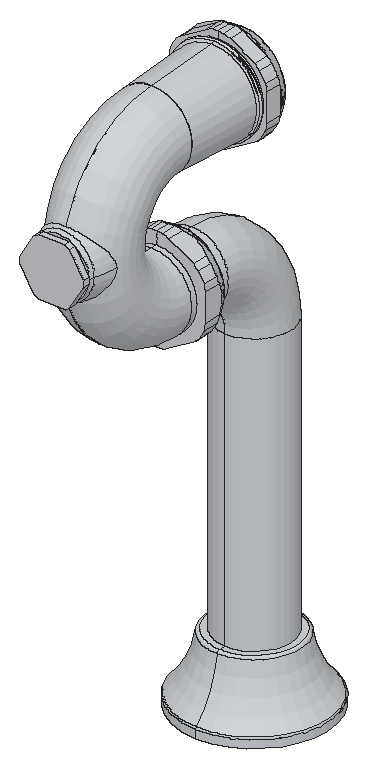
Revit family "Plumbing-Pipes-KOHLER-P_Trap-K-9000", category Plumbing Fixtures, host Face, Revit 2015
Parameters (values of type "CP-Polished Chrome")
  Width = 3"  # constant formula
  Waste Water Outlet = "Waste Water Outlet"  # constant formula
  Waste Connection = 1 = 1  # yes
  Vent Connection = 1 = 0  # no
  URL = "https://www.us.kohler.com/us/"
  Product Page URL = "http://www.us.kohler.com/us/catalog/productDetails.jsp?productNumber=9000"
  Product Name = "P-Trap"  # constant formula
  Product Documentation Link = "https://www.us.kohler.com/webassets/kpna/catalog/pdf/en/K-9000_spec.pdf"
  Pressure = 0.00 psi
  Model = "K-9000-CP"  # constant formula
  Material = "Cast Brass Construction\r"  # constant formula
  MasterFormat 2004 = "22.11.00"  # constant formula
  MasterFormat 1995 = "154300"  # constant formula
  Manufacturer Address = "444 Highland Dr, Kohler, WI 53044"  # constant formula
  Manufacturer = "KOHLER Co."  # constant formula
  Length = 11 3/4"  # constant formula
  Hot Water Inlet = "Hot Water Inlet"  # constant formula
  Height = 4 7/8"  # constant formula
  HW Connection = 1 = 0  # no
  Flow Rate = 0 GPM
  Finish = Kohler-Metal-CP-Polished_Chrome
  Environmental Product Declaration = ""
  Description = "Adjustable P-trap with tubing outlet, 1-1/2 inch x 1-1/2 inch"  # constant formula
  Default Elevation = 30"
  Declare Label = ""
  Date Modified = "01/22/2019"  # constant formula
  Date Created = "01/22/2019"  # constant formula
  Copyright = "Copyright KOHLER Co."  # constant formula
  Contact Us = "https://www.us.kohler.com/us/static/contact.jsp"
  Cold Water Inlet = "Cold Water Inlet"  # constant formula
  CW Connection = 1 = 0  # no
  Assembly Code = "C1030200"
  ADA Compliant = 1 = 0  # no
  Waste Water Inlet = "Waste Water Inlet"  # constant formula
Reference planes (in)
  plane 1 "Center (Front/Back)": y = 0
  plane 2: z = 0
  plane 3 "Center (Left/Right)": x = 0
  plane 4: x = -1.50049
  plane 5: x = 1.49951
  plane 6: z = 9.75
  plane 7: y = -5.21694
  plane 8: y = -0.34194
  plane 9: z = 11.75
Dimensions and locks (in)
  "Width": plane 4 to plane 5
  "Height": plane 8 to plane 7
  "Length": plane 2 to plane 9
  aligned and locked: plane 2 to host face
  aligned and locked: level to host face
Automatic sketch dimensions
  host sketch curve to host sketch curve = 96"  (x2)
Nested families (in)
  nested 1: "K-9000" at (0, 0, 0), type "K-9000"
Connectors (in)
  piping at (0, -0.45509, 11.75), diameter 1.5, driven by "Waste Connection", driven by "Waste Water Inlet"
    settings: on nested 1, index 1, connector inside diameter 24", connector length 0", flow factor 0, pipe flow 0 GPM, pressure drop 0.00 psi, fitting loss kfactor 0, connector angle 0.00°, fixture units 0, engagement length 0", angle of deflection 0.00°, flow configuration 0, flow direction 1, fitting loss method 0, system type 16, joint type 0, gender type 0, connector reference index -1, connector utility 1, adjustable connector no, is connector primary yes, connector description "Waste Water Inlet"
  piping at (0, 0, 0), diameter 1.5, driven by "Waste Connection", driven by "Waste Water Outlet"
    settings: on nested 1, index 2, connector inside diameter 24", connector length 0", flow factor 0, pipe flow 0 GPM, pressure drop 0.00 psi, fitting loss kfactor 0, connector angle 0.00°, fixture units 0, engagement length 0", angle of deflection 0.00°, flow configuration 0, flow direction 2, fitting loss method 0, system type 16, joint type 0, gender type 0, connector reference index -1, connector utility 1, adjustable connector no, is connector primary no, connector description "Waste Water Outlet"
Definition of nested family "K-9000"
  Parameters (values of type "K-9000")
    Material = none
    Length = 11 3/4"
  Reference planes (in)
    plane 1 "Center (Front/Back)": y = 0
    plane 2: z = 0
    plane 3 "Center (Left/Right)": x = 0
    plane 4: z = 11.75
    plane 5: z = 8.75
    plane 6: y = -5.21694
    plane 7: y = -0.34194
    plane 8: y = 1.5
    plane 9: y = -1.5
    plane 10: x = 1.5
    plane 11: x = -1.5
    plane 12: z = 1.375
  Forms (in)
    Revolve 1, solid, material <- "Material", detail levels medium+fine
      sketch origin (0, 0, 0) x (0, 1, 0) y (0, 0, 1)
        loop
          line (0, 1.375) -> (0, 0) -> (1.5, 0) -> (1.5, 0.15847)
          arc (1.5, 0.15847) -> (1.49571, 0.18066) -> (1.48347, 0.19966) r 0.05959
          arc (1.48347, 0.19966) -> (1.12535, 0.71816) -> (0.94707, 1.32256) r 1.99233
          arc (0.94707, 1.32256) -> (0.92714, 1.36002) -> (0.88744, 1.375) r 0.06012
          line (0.88744, 1.375) -> (0, 1.375)
        axis (0, 1.375) -> (0, 0)
      angle from 0 to 360
    Sweep 2, solid, material <- "Material", detail levels medium+fine
      path origin (0, 0.00781, -0.03125) x (0, 1, 0) y (0, 0, 1)
        loop
          line (-0.00781, 1.38625) -> (-0.00781, 7.17572)
          arc (-0.00781, 7.17572) -> (-0.47806, 8.311) -> (-1.61334, 8.78125) r 1.60553
          line (-1.61334, 8.78125) -> (-1.92325, 8.78125)
      profile origin (0, 0, 1.355) x (0, -1, 0) y (1, 0, 0)
        loop
          circle (0, 0) r 0.75
    Sweep 3, solid, material <- "Material", detail levels medium+fine
      path origin (0, -0.15234, 0) x (0, 1, 0) y (0, 0, 1)
        loop
          line (-2.10003, 7.9375) -> (-2.48329, 7.9375)
          arc (-2.48329, 7.9375) -> (-4.79533, 10.24953) -> (-2.48329, 12.56157) r 2.31203
      profile origin (0, -4.94767, 10.24953) x (0, -1, 0) y (1, 0, 0)
        loop
          circle (-0.81149, 0.00084) r 0.81149
    Revolve 4, solid, material <- "Material", detail levels medium+fine
      sketch origin (0, 0, 0) x (0, 1, 0) y (0, 0, 1)
        loop
          line (-0.92909, 11.75) -> (-0.92909, 12.65056) -> (-2.63564, 12.56112) -> (-2.63564, 11.75) -> (-0.92909, 11.75)
        axis (-0.92909, 11.75) -> (-2.63564, 11.75)
      angle from 0 to 360
    Revolve 5, solid, material <- "Material", detail levels medium+fine
      sketch origin (0, 0, 0) x (0, 1, 0) y (0, 0, 1)
        loop
          line (-2.50944, 9.82) -> (-2.50944, 8.75) -> (-1.91544, 8.75) -> (-1.91544, 9.62164)
          arc (-1.91544, 9.62164) -> (-1.92321, 9.65063) -> (-1.94443, 9.67184) r 0.05794
          line (-1.94443, 9.67184) -> (-2.20129, 9.82) -> (-2.50944, 9.82)
        axis (-1.91544, 8.75) -> (-2.50944, 8.75)
      angle from 0 to 360
    Revolve 6, solid, material <- "Material", detail levels medium+fine
      sketch origin (0, 0, 0) x (0, 1, 0) y (0, 0, 1)
        loop
          arc (-0.33509, 12.62189) -> (-0.34276, 12.65055) -> (-0.36374, 12.67153) r 0.05731
          line (-0.36374, 12.67153) -> (-0.62088, 12.82) -> (-0.92884, 12.82) -> (-0.92884, 12.68109) -> (-0.95057, 12.65936) -> (-0.98448, 12.69301) -> (-1.0194, 12.65808) -> (-1.04835, 12.68702) -> (-1.08795, 12.62605) -> (-1.08795, 11.75) -> (-0.45509, 11.75) -> (-0.45509, 12.51523) -> (-0.33509, 12.51523) -> (-0.33509, 12.62189)
        axis (-1.08795, 11.75) -> (-0.33509, 11.75)
      angle from 0 to 360
    Extrusion 7, void
      sketch origin (0, 0, 0) x (1, 0, 0) y (0, 0, 1)
        loop
          arc (1, 9.03868) -> (0.93301, 9.28868) -> (0.75, 9.47169) r 0.5
          line (0.75, 9.47169) -> (0.25, 9.76036)
          arc (0.25, 9.76036) -> (0, 9.82735) -> (-0.25, 9.76036) r 0.5
          line (-0.25, 9.76036) -> (-0.75, 9.47169)
          arc (-0.75, 9.47169) -> (-0.93301, 9.28868) -> (-1, 9.03868) r 0.5
          line (-1, 9.03868) -> (-1, 8.46132)
          arc (-1, 8.46132) -> (-0.93301, 8.21132) -> (-0.75, 8.02831) r 0.5
          line (-0.75, 8.02831) -> (-0.25, 7.73964)
          arc (-0.25, 7.73964) -> (0, 7.67265) -> (0.25, 7.73964) r 0.5
          line (0.25, 7.73964) -> (0.75, 8.02831)
          arc (0.75, 8.02831) -> (0.93301, 8.21132) -> (1, 8.46132) r 0.5
          line (1, 8.46132) -> (1, 9.03868)
        loop
          circle (0.00084, 8.74899) r 1.14705
      from 1.87098 to 2.54501
    Extrusion 8, void
      sketch origin (0, 0, 0) x (1, 0, 0) y (0, 0, 1)
        loop
          arc (1, 12.03868) -> (0.93301, 12.28868) -> (0.75, 12.47169) r 0.5
          line (0.75, 12.47169) -> (0.25115, 12.7597)
          arc (0.25115, 12.7597) -> (0, 12.827) -> (-0.25115, 12.7597) r 0.50229
          line (-0.25115, 12.7597) -> (-0.75, 12.47169)
          arc (-0.75, 12.47169) -> (-0.93301, 12.28868) -> (-1, 12.03868) r 0.5
          line (-1, 12.03868) -> (-1, 11.46132)
          arc (-1, 11.46132) -> (-0.93301, 11.21132) -> (-0.75, 11.02831) r 0.5
          line (-0.75, 11.02831) -> (-0.25, 10.73964)
          arc (-0.25, 10.73964) -> (0, 10.67265) -> (0.25, 10.73964) r 0.5
          line (0.25, 10.73964) -> (0.75, 11.02831)
          arc (0.75, 11.02831) -> (0.93301, 11.21132) -> (1, 11.46132) r 0.5
          line (1, 11.46132) -> (1, 12.03868)
        loop
          circle (0.00084, 11.74899) r 1.14705
      from 0.60007 to 0.92909
    Sweep 9, solid, material <- "Material", detail levels medium+fine
      path origin (0, 0, 0) x (1, 0, 0) y (0, 0, 1)
        loop
          circle (0, 10.2502) r 0.594
      profile origin (0, 0, 10.8442) x (0, 0, -1) y (0, -1, 0)
        loop
          line (0, 5.02057) -> (0.17863, 5.02057) -> (0.17863, 5.1031) -> (0.1417, 5.1031) -> (0.1417, 5.04194) -> (-0.0308, 5.04194)
          arc (-0.0308, 5.04194) -> (-0.04178, 4.99127) -> (-0.05488, 4.9411) r 1.23295
          arc (-0.05488, 4.9411) -> (-0.13539, 4.55844) -> (-0.1624, 4.16833) r 2.83082
          line (-0.1624, 4.16833) -> (-0.1624, 4.04194) -> (0, 4.04194) -> (0, 5.02057)
    Extrusion 10, solid, material <- "Material", detail levels medium+fine
      sketch origin (0, 0, 0.02344) x (1, 0, 0) y (0, 0, 1)
        loop
          line (0.27559, 10.82076) -> (-0.27559, 10.82076)
          arc (-0.27559, 10.82076) -> (-0.32704, 10.79408) -> (-0.37592, 10.76295) r 0.655
          line (-0.37592, 10.76295) -> (-0.65248, 10.28393)
          arc (-0.65248, 10.28393) -> (-0.655, 10.22656) -> (-0.65248, 10.1692) r 0.655
          line (-0.65248, 10.1692) -> (-0.37592, 9.69018)
          arc (-0.37592, 9.69018) -> (-0.32745, 9.65929) -> (-0.27645, 9.63276) r 0.655
          line (-0.27645, 9.63276) -> (0.27645, 9.63276)
          arc (0.27645, 9.63276) -> (0.32745, 9.65929) -> (0.37592, 9.69018) r 0.655
          line (0.37592, 9.69018) -> (0.65248, 10.1692)
          arc (0.65248, 10.1692) -> (0.655, 10.22656) -> (0.65248, 10.28393) r 0.655
          line (0.65248, 10.28393) -> (0.37592, 10.76295)
          arc (0.37592, 10.76295) -> (0.32704, 10.79408) -> (0.27559, 10.82076) r 0.655
      from 5.09194 to 5.21694
    Sweep 11, solid, material <- "Material", detail levels coarse
      path origin (0, 0, 0) x (0, 1, 0) y (0, 0, 1)
        loop
          line (-0.33509, 11.75) -> (-2.65607, 11.75)
          arc (-2.65607, 11.75) -> (-4.15607, 10.25) -> (-2.65607, 8.75) r 1.5
          line (-2.65607, 8.75) -> (-1.6828, 8.75)
          arc (-1.6828, 8.75) -> (-0.49288, 8.25712) -> (0, 7.0672) r 1.6828
          line (0, 7.0672) -> (0, 0.5672)
      profile origin (0, -1.49558, 11.75) x (0, 0, -1) y (1, 0, 0)
        loop
          circle (0, 0) r 0.76523
    Extrusion 12, solid, material <- "Material", detail levels coarse
      sketch origin (0, 0, 0) x (1, 0, 0) y (0, 1, 0)
        loop
          circle (0, 0) r 1.5
      from 0 to 1.375
    Extrusion 13, solid, material <- "Material", detail levels coarse
      sketch origin (0, 0, 0) x (1, 0, 0) y (0, 0, 1)
        loop
          circle (0, 11.75) r 1.07
      from 0.33509 to 1.08795
    Extrusion 14, solid, material <- "Material", detail levels coarse
      sketch origin (0, 0, 0) x (1, 0, 0) y (0, 0, 1)
        loop
          circle (0, 8.75) r 1.07
      from 1.91544 to 2.50944
    Extrusion 15, solid, material <- "Material", detail levels coarse
      sketch origin (0, 0, 0) x (1, 0, 0) y (0, 0, 1)
        loop
          circle (0, 10.2502) r 0.655
      from 4.13193 to 5.21694
    Extrusion 16, solid, material <- "Material", detail levels medium+fine
      sketch origin (0, 0, 0) x (1, 0, 0) y (0, 1, 0)
        loop
          circle (0, 0) r 0.75
      from 0 to 0.03494
  Cuts and joins
    Extrusion 7 cuts Revolve 5
    Extrusion 8 cuts Revolve 6
    joined: Revolve 1, Sweep 2, Sweep 3, Revolve 5, Revolve 6, Sweep 9, Extrusion 10, Extrusion 16
    joined: Sweep 11, Extrusion 12, Extrusion 13, Extrusion 14, Extrusion 15
  Lines and regions (in)
    Masking region 1
      outline origin (0, 0, 0) x (1, 0, 0) y (0, 1, 0)
        loop
          arc (0.88586, -1.21047) -> (0, 1.5) -> (-0.88586, -1.21047) r 1.5
          line (-0.88586, -1.21047) -> (-0.8486, -1.92055)
          arc (-0.8486, -1.92055) -> (-0.88955, -1.91816) -> (-0.92149, -1.94392) r 0.05695
          line (-0.92149, -1.94392) -> (-1, -2.0799) -> (-1, -2.50944) -> (-0.82966, -2.50944)
          arc (-0.82966, -2.50944) -> (-0.81795, -2.55273) -> (-0.814, -2.59741) r 0.25498
          line (-0.814, -2.59741) -> (-0.814, -4.13711)
          arc (-0.814, -4.13711) -> (-0.77697, -4.37983) -> (-0.66925, -4.60047) r 0.814
          arc (-0.66925, -4.60047) -> (-0.63617, -4.66823) -> (-0.6248, -4.74278) r 0.25
          line (-0.6248, -4.74278) -> (-0.6248, -5.04194) -> (-0.4525, -5.04194) -> (-0.4525, -5.09194) -> (-0.655, -5.09194) -> (-0.655, -5.21694) -> (0.655, -5.21694) -> (0.655, -5.09194) -> (0.4525, -5.09194) -> (0.4525, -5.04194) -> (0.6248, -5.04194) -> (0.6248, -4.74278)
          arc (0.6248, -4.74278) -> (0.63617, -4.66823) -> (0.66925, -4.60047) r 0.25
          arc (0.66925, -4.60047) -> (0.77697, -4.37983) -> (0.814, -4.13711) r 0.814
          line (0.814, -4.13711) -> (0.814, -2.59741)
          arc (0.814, -2.59741) -> (0.81795, -2.55273) -> (0.82966, -2.50944) r 0.25498
          line (0.82966, -2.50944) -> (1, -2.50944) -> (1, -2.0799) -> (0.92149, -1.94392)
          arc (0.92149, -1.94392) -> (0.88955, -1.91816) -> (0.8486, -1.92055) r 0.05695
          line (0.8486, -1.92055) -> (0.88586, -1.21047)
    Masking region 2
      outline origin (0, 0, 0) x (1, 0, 0) y (0, 0, 1)
        loop
          arc (-0.82966, 12.4257) -> (-0.92702, 12.28522) -> (-1, 12.13066) r 1.03755
          line (-1, 12.13066) -> (-1, 11.36934)
          arc (-1, 11.36934) -> (-0.92035, 11.20331) -> (-0.81252, 11.05403) r 1.03465
          line (-0.81252, 11.05403) -> (-0.81252, 9.44654)
          arc (-0.81252, 9.44654) -> (-0.91929, 9.29633) -> (-1, 9.13066) r 1.12074
          line (-1, 9.13066) -> (-1, 8.36934)
          arc (-1, 8.36934) -> (-0.92646, 8.21511) -> (-0.82966, 8.0743) r 1.08659
          line (-0.82966, 8.0743) -> (-0.75, 8.02831) -> (-0.75, 1.375) -> (-0.88744, 1.375)
          arc (-0.88744, 1.375) -> (-0.92714, 1.36002) -> (-0.94707, 1.32256) r 0.06012
          arc (-0.94707, 1.32256) -> (-1.12535, 0.71816) -> (-1.48347, 0.19966) r 1.99233
          arc (-1.48347, 0.19966) -> (-1.49571, 0.18066) -> (-1.5, 0.15847) r 0.05959
          line (-1.5, 0.15847) -> (-1.5, 0) -> (1.5, 0) -> (1.5, 0.15847)
          arc (1.5, 0.15847) -> (1.49571, 0.18066) -> (1.48347, 0.19966) r 0.05959
          arc (1.48347, 0.19966) -> (1.12535, 0.71816) -> (0.94707, 1.32256) r 1.99233
          arc (0.94707, 1.32256) -> (0.92714, 1.36002) -> (0.88744, 1.375) r 0.06012
          line (0.88744, 1.375) -> (0.75, 1.375) -> (0.75, 8.02831) -> (0.82966, 8.0743)
          arc (0.82966, 8.0743) -> (0.92646, 8.21511) -> (1, 8.36934) r 1.08659
          line (1, 8.36934) -> (1, 9.13066)
          arc (1, 9.13066) -> (0.91929, 9.29633) -> (0.81252, 9.44654) r 1.12074
          line (0.81252, 9.44654) -> (0.81252, 11.05403)
          arc (0.81252, 11.05403) -> (0.92035, 11.20331) -> (1, 11.36934) r 1.03465
          line (1, 11.36934) -> (1, 12.13066)
          arc (1, 12.13066) -> (0.92702, 12.28522) -> (0.82966, 12.4257) r 1.03755
          line (0.82966, 12.4257) -> (0.17034, 12.80635)
          arc (0.17034, 12.80635) -> (0, 12.81984) -> (-0.17034, 12.80635) r 1.08287
          line (-0.17034, 12.80635) -> (-0.82966, 12.4257)
    Masking region 3
      outline origin (0, 0, 0) x (0, 1, 0) y (0, 0, 1)
        loop
          arc (-0.88744, 1.375) -> (-0.92714, 1.36002) -> (-0.94707, 1.32256) r 0.06012
          arc (-0.94707, 1.32256) -> (-1.12535, 0.71816) -> (-1.48347, 0.19966) r 1.99233
          arc (-1.48347, 0.19966) -> (-1.49571, 0.18066) -> (-1.5, 0.15847) r 0.05959
          line (-1.5, 0.15847) -> (-1.5, 0) -> (1.5, 0) -> (1.5, 0.15847)
          arc (1.5, 0.15847) -> (1.49571, 0.18066) -> (1.48347, 0.19966) r 0.05959
          arc (1.48347, 0.19966) -> (1.12535, 0.71816) -> (0.94707, 1.32256) r 1.99233
          arc (0.94707, 1.32256) -> (0.92714, 1.36002) -> (0.88744, 1.375) r 0.06012
          line (0.88744, 1.375) -> (0.75, 1.375) -> (0.75, 7.14473)
          arc (0.75, 7.14473) -> (0.06016, 8.81016) -> (-1.60527, 9.5) r 2.35527
          line (-1.60527, 9.5) -> (-1.91544, 9.5) -> (-1.91544, 9.62164)
          arc (-1.91544, 9.62164) -> (-1.92321, 9.65063) -> (-1.94443, 9.67184) r 0.05794
          line (-1.94443, 9.67184) -> (-2.20129, 9.82) -> (-2.50944, 9.82) -> (-2.50944, 9.56048) -> (-2.63606, 9.56048)
          arc (-2.63606, 9.56048) -> (-3.32526, 10.24968) -> (-2.63606, 10.93888) r 0.6892
          line (-2.63606, 10.93888) -> (-1.07707, 10.8572) -> (-1.04835, 10.81298) -> (-1.0194, 10.84192) -> (-0.98448, 10.80699) -> (-0.95057, 10.84064) -> (-0.92884, 10.81891) -> (-0.92884, 10.68) -> (-0.62088, 10.68) -> (-0.37059, 10.82452)
          arc (-0.37059, 10.82452) -> (-0.34961, 10.84549) -> (-0.34194, 10.87415) r 0.05731
          line (-0.34194, 10.87415) -> (-0.34194, 12.62585)
          arc (-0.34194, 12.62585) -> (-0.34961, 12.65451) -> (-0.37059, 12.67548) r 0.05731
          line (-0.37059, 12.67548) -> (-0.62088, 12.82) -> (-0.92884, 12.82) -> (-0.92884, 12.68109) -> (-0.95057, 12.65936) -> (-0.98448, 12.69301) -> (-1.0194, 12.65808) -> (-1.04835, 12.68702) -> (-1.07707, 12.6428) -> (-2.63708, 12.56112)
          arc (-2.63708, 12.56112) -> (-4.01283, 12.10721) -> (-4.84833, 10.92371) r 2.31181
          arc (-4.84833, 10.92371) -> (-4.89482, 10.91179) -> (-4.9411, 10.89908) r 2.83082
          arc (-4.9411, 10.89908) -> (-4.99127, 10.88598) -> (-5.04194, 10.875) r 1.23295
          line (-5.04194, 10.875) -> (-5.04194, 10.7025) -> (-5.09194, 10.7025) -> (-5.09194, 10.8442) -> (-5.21694, 10.8442) -> (-5.21694, 9.6562) -> (-5.09194, 9.6562) -> (-5.09194, 9.7979) -> (-5.04194, 9.7979) -> (-5.04194, 9.6254)
          arc (-5.04194, 9.6254) -> (-4.99127, 9.61442) -> (-4.9411, 9.60132) r 1.23295
          arc (-4.9411, 9.60132) -> (-4.89511, 9.58869) -> (-4.84892, 9.57683) r 2.83082
          arc (-4.84892, 9.57683) -> (-4.01364, 8.39201) -> (-2.63708, 7.9375) r 2.31181
          line (-2.63708, 7.9375) -> (-2.50944, 7.9375) -> (-2.50944, 7.68) -> (-2.20129, 7.68) -> (-1.94443, 7.82816)
          arc (-1.94443, 7.82816) -> (-1.92321, 7.84937) -> (-1.91544, 7.87836) r 0.05794
          line (-1.91544, 7.87836) -> (-1.91544, 8) -> (-1.60586, 8)
          arc (-1.60586, 8) -> (-1.00068, 7.74932) -> (-0.75, 7.14414) r 0.85586
          line (-0.75, 7.14414) -> (-0.75, 1.375) -> (-0.88744, 1.375)
    symbolic lines, detail levels medium+fine
      curve 1: arc (0.75, 0, 0) -> (0, 0.75, 0) -> (-0.75, 0, 0) r 0.75
      curve 2: line (-0.75, 0, 0) -> (-0.75, -0.34194, 0)
      curve 3: line (-1.05807, -0.60022, 0) -> (-0.92044, -0.3687, 0)
      curve 4: line (0.75, -0.34194, 0) -> (-0.87295, -0.34194, 0)
      curve 5: arc (-0.92044, -0.3687, 0) -> (-0.9002, -0.34909, 0) -> (-0.87295, -0.34194, 0) r 0.05551
      curve 6: line (-1.05807, -0.92884, 0) -> (1.05807, -0.92884, 0)
      curve 7: line (-0.90936, -0.95057, 0) -> (-0.94326, -0.98448, 0)
      curve 8: line (-0.94326, -0.98448, 0) -> (-0.90833, -1.0194, 0)
      curve 9: line (-0.90833, -1.0194, 0) -> (-0.93728, -1.04835, 0)
      curve 10: line (-0.93728, -1.04835, 0) -> (-0.89286, -1.07708, 0)
      curve 11: line (-0.90936, -0.95057, 0) -> (-0.93109, -0.92884, 0)
      curve 12: line (-1.05807, -0.92884, 0) -> (-1.05807, -0.60022, 0)
      curve 13: line (-0.88586, -1.21047, 0) -> (-0.89286, -1.07708, 0)
      curve 14: arc (0.75, -0.27605, 0) -> (0, 0.79919, 0) -> (-0.75, -0.27605, 0) r 0.79919
      curve 15: arc (0.77383, -0.34194, 0) -> (0, 0.84601, 0) -> (-0.77383, -0.34194, 0) r 0.84601
      curve 16: line (-0.82966, -0.62088, 0) -> (-1.05807, -0.62088, 0)
      curve 17: arc (-0.17034, -0.62088, 0) -> (-0.5, -0.49893, 0) -> (-0.82966, -0.62088, 0) r 0.50657
      curve 18: line (-0.17034, -0.62088, 0) -> (-0.17034, -0.92884, 0)
      curve 19: line (0.17034, -0.92884, 0) -> (0.17034, -0.62088, 0)
      curve 20: line (-0.82966, -0.92884, 0) -> (-0.82966, -0.62088, 0)
      curve 21: line (1.05807, -0.60022, 0) -> (0.92102, -0.3687, 0)
      curve 22: line (0.75, -0.34194, 0) -> (0.8834, -0.34194, 0)
      curve 23: arc (0.92102, -0.3687, 0) -> (0.90513, -0.35122, 0) -> (0.8834, -0.34194, 0) r 0.05551
      curve 24: line (0.90936, -0.95057, 0) -> (0.94326, -0.98448, 0)
      curve 25: line (0.94326, -0.98448, 0) -> (0.90833, -1.0194, 0)
      curve 26: line (0.90833, -1.0194, 0) -> (0.93728, -1.04835, 0)
      curve 27: line (0.93728, -1.04835, 0) -> (0.89286, -1.07708, 0)
      curve 28: line (0.90936, -0.95057, 0) -> (0.93109, -0.92884, 0)
      curve 29: line (1.05807, -0.92884, 0) -> (1.05807, -0.60022, 0)
      curve 30: line (0.82966, -0.62088, 0) -> (1.05807, -0.62088, 0)
      curve 31: arc (0.17034, -0.62088, 0) -> (0.5, -0.49893, 0) -> (0.82966, -0.62088, 0) r 0.50657
      curve 32: line (0.82966, -0.92884, 0) -> (0.82966, -0.62088, 0)
      curve 33: line (0.75, 0, 0) -> (0.75, -0.34194, 0)
      curve 34: line (-0.92044, -0.3687, 0) -> (0.92102, -0.3687, 0)
      curve 35: line (-0.17034, -0.62088, 0) -> (0.17034, -0.62088, 0)
      curve 36: line (-0.90936, -0.95057, 0) -> (0.90936, -0.95057, 0)
      curve 37: line (-0.90833, -1.0194, 0) -> (0.90833, -1.0194, 0)
      curve 38: line (-0.89286, -1.07708, 0) -> (0.89286, -1.07708, 0)
      curve 39: line (0.88586, -1.21047, 0) -> (0.89286, -1.07708, 0)
      curve 40: line (0.814, -2.63564, 0) -> (-0.814, -2.63564, 0)
      curve 41: line (-0.8486, -1.92055, 0) -> (-0.81533, -2.57142, 0)
      curve 42: line (0.8486, -1.92055, 0) -> (0.81533, -2.57142, 0)
      curve 43: line (-0.81533, -2.57142, 0) -> (0.81533, -2.57142, 0)
      curve 44: line (-0.83425, -2.20129, 0) -> (-1, -2.20129, 0)
      curve 45: line (-0.92149, -1.94392, 0) -> (-0.8474, -1.94392, 0)
      curve 46: line (0.92149, -1.94392, 0) -> (0.8474, -1.94392, 0)
      curve 47: line (0.83425, -2.20129, 0) -> (1, -2.20129, 0)
      curve 48: line (-0.4525, -5.09194, 0) -> (0.4525, -5.09194, 0)
      curve 49: line (-0.4523, -5.04194, 0) -> (0.4523, -5.04194, 0)
      curve 50: line (-0.37592, -5.09194, 0) -> (-0.37592, -5.21694, 0)
      curve 51: line (-0.27559, -5.21694, 0) -> (-0.27559, -5.09194, 0)
      curve 52: line (0.27559, -5.09194, 0) -> (0.27559, -5.21694, 0)
      curve 53: line (0.37592, -5.09194, 0) -> (0.37592, -5.21694, 0)
      curve 54: arc (-0.66925, -4.60047, 0) -> (0, -4.95112, 0) -> (0.66925, -4.60047, 0) r 0.814
      curve 55: circle (0, 0, 11.75) r 0.76523 normal (0, -1, 0)
      curve 56: circle (0, 0, 11.75) r 0.87605 normal (0, -1, 0)
      curve 57: line (0.82966, 0, 11.0743) -> (0.17034, 0, 10.69365)
      curve 58: line (-0.17034, 0, 10.69365) -> (-0.82966, 0, 11.0743)
      curve 59: arc (0.17034, 0, 10.69365) -> (0, 0, 10.67904) -> (-0.17034, 0, 10.69365) r 1.00078
      curve 60: line (0.17034, 0, 9.80635) -> (0.82966, 0, 9.4257)
      curve 61: line (-0.82966, 0, 9.4257) -> (-0.17034, 0, 9.80635)
      curve 62: arc (0.17034, 0, 9.80635) -> (0, 0, 9.82013) -> (-0.17034, 0, 9.80635) r 1.06019
      curve 63: arc (0.75, 0, 8.75) -> (0, 0, 9.5) -> (-0.75, 0, 8.75) r 0.75
      curve 64: arc (0.75, 0, 8.30593) -> (0, 0, 9.62161) -> (-0.75, 0, 8.30593) r 0.87161
      curve 65: line (0.75, 0, 8.75) -> (0.75, 0, 8.02831)
      curve 66: line (-0.75, 0, 8.75) -> (-0.75, 0, 8.02831)
      curve 67: line (0.75, 0, 1.375) -> (-0.75, 0, 1.375)
      curve 68: line (0.94707, 0, 1.32256) -> (-0.94707, 0, 1.32256)
      curve 69: line (1.5, 0, 0.15847) -> (-1.5, 0, 0.15847)
      curve 70: line (-1.48347, 0, 0.19966) -> (1.48347, 0, 0.19966)
      curve 71: line (0.75, 0, 0) -> (-0.75, 0, 0)
      curve 72: line (0, -0.62087, 12.80635) -> (0, -0.92909, 12.80635)
      curve 73: line (0, -0.92884, 12.4257) -> (0, -0.62087, 12.4257)
      curve 74: line (0, -0.92884, 12.13066) -> (0, -0.62087, 12.13066)
      curve 75: line (0, -0.62087, 12.13066) -> (0, -0.62087, 12.4257)
      curve 76: line (0, -0.92884, 11.36934) -> (0, -0.62088, 11.36934)
      curve 77: line (0, -0.92884, 11.0743) -> (0, -0.62087, 11.0743)
      curve 78: line (0, -0.62087, 11.0743) -> (0, -0.62088, 11.36934)
      curve 79: arc (0, -0.62087, 11.0743) -> (0, -0.49957, 10.88397) -> (0, -0.62087, 10.69365) r 0.20997
      curve 80: line (0, -0.92909, 10.69365) -> (0, -0.62087, 10.69365)
      curve 81: arc (0, -0.62087, 12.13066) -> (0, -0.50113, 11.75) -> (0, -0.62088, 11.36934) r 0.66492
      curve 82: arc (0, -0.62087, 12.80635) -> (0, -0.49964, 12.61603) -> (0, -0.62087, 12.4257) r 0.21002
      curve 83: line (0, -0.92884, 12.68109) -> (0, -0.92884, 10.81891)
      curve 84: line (0, -0.95057, 12.65936) -> (0, -0.95057, 10.84064)
      curve 85: line (0, -0.98448, 10.80699) -> (0, -0.98448, 12.69301)
      curve 86: line (0, -1.04835, 12.68702) -> (0, -1.04835, 10.81298)
      curve 87: line (0, -1.07707, 12.6428) -> (0, -1.07707, 10.8572)
      curve 88: line (0, -5.04194, 10.7025) -> (0, -5.04194, 9.7979)
      curve 89: line (0, -5.09194, 10.71508) -> (0, -5.09194, 9.7979)
      curve 90: line (0, -5.09194, 10.78638) -> (0, -5.21694, 10.78638)
      curve 91: line (0, -5.09194, 10.30737) -> (0, -5.21694, 10.30737)
      curve 92: line (0, -5.09194, 10.19263) -> (0, -5.21694, 10.19263)
      curve 93: line (0, -5.09194, 9.71362) -> (0, -5.21694, 9.71362)
      curve 94: line (0, -4.84892, 9.57683) -> (0, -4.50348, 10.00342)
      curve 95: line (0, -4.49665, 10.5697) -> (0, -4.8502, 10.92325)
      curve 96: line (0, -1.91544, 9.5) -> (0, -1.91544, 8)
      curve 97: line (0, -2.50944, 9.58054) -> (0, -2.50944, 7.91946)
      curve 98: line (0, -2.20129, 9.81368) -> (0, -2.50944, 9.81368)
      curve 99: spline (0, -2.15076, 9.76039) -> (0, -2.15618, 9.76615) -> (0, -2.16139, 9.77169) -> (0, -2.16639, 9.77699) -> (0, -2.17118, 9.78206) -> (0, -2.17575, 9.78689) -> (0, -2.1801, 9.79148) -> (0, -2.18422, 9.79582) -> (0, -2.18811, 9.79991) -> (0, -2.19177, 9.80374) -> (0, -2.19518, 9.80732) -> (0, -2.19836, 9.81063) -> (0, -2.20129, 9.81368)
      curve 100: spline (0, -2.15067, 9.47175) -> (0, -2.12953, 9.49438) -> (0, -2.11204, 9.51779) -> (0, -2.09833, 9.54181) -> (0, -2.08848, 9.5663) -> (0, -2.08254, 9.59111) -> (0, -2.08057, 9.61607) -> (0, -2.08256, 9.64104) -> (0, -2.08851, 9.66584) -> (0, -2.09838, 9.69034) -> (0, -2.1121, 9.71436) -> (0, -2.1296, 9.73776) -> (0, -2.15076, 9.76039)
      curve 101: line (0, -2.20129, 9.18128) -> (0, -2.50944, 9.18128)
      curve 102: spline (0, -2.15076, 9.03875) -> (0, -2.15618, 9.05033) -> (0, -2.1614, 9.062) -> (0, -2.1664, 9.07375) -> (0, -2.17119, 9.08557) -> (0, -2.17576, 9.09745) -> (0, -2.1801, 9.10937) -> (0, -2.18422, 9.12133) -> (0, -2.18811, 9.13331) -> (0, -2.19177, 9.14531) -> (0, -2.19518, 9.15731) -> (0, -2.19836, 9.16931) -> (0, -2.20129, 9.18128)
      curve 103: arc (0, -2.15068, 8.46143) -> (0, -2.08057, 8.7501) -> (0, -2.15076, 9.03875) r 0.62895
      curve 104: spline (0, -2.20129, 8.31872) -> (0, -2.19845, 8.33075) -> (0, -2.19535, 8.3428) -> (0, -2.19199, 8.35485) -> (0, -2.18838, 8.36688) -> (0, -2.18451, 8.3789) -> (0, -2.18039, 8.39087) -> (0, -2.17603, 8.40281) -> (0, -2.17142, 8.41469) -> (0, -2.16658, 8.4265) -> (0, -2.16151, 8.43823) -> (0, -2.1562, 8.44988) -> (0, -2.15068, 8.46143)
      curve 105: spline (0, -2.20129, 9.3824) -> (0, -2.19845, 9.39129) -> (0, -2.19535, 9.39994) -> (0, -2.19199, 9.40835) -> (0, -2.18838, 9.4165) -> (0, -2.18451, 9.42439) -> (0, -2.18039, 9.43201) -> (0, -2.17603, 9.43936) -> (0, -2.17142, 9.44642) -> (0, -2.16658, 9.4532) -> (0, -2.1615, 9.45968) -> (0, -2.1562, 9.46587) -> (0, -2.15067, 9.47175)
      curve 106: line (0, -2.50944, 9.3824) -> (0, -2.20129, 9.3824)
      curve 107: line (0, -2.20129, 9.18128) -> (0, -2.20129, 9.3824)
      curve 108: line (0, -2.20129, 8.1176) -> (0, -2.20129, 8.31872)
      curve 109: line (0, -2.50944, 8.31872) -> (0, -2.20129, 8.31872)
      curve 110: line (0, -2.20129, 8.1176) -> (0, -2.50944, 8.1176)
      curve 111: spline (0, -2.15077, 8.02836) -> (0, -2.15619, 8.03418) -> (0, -2.1614, 8.04032) -> (0, -2.16641, 8.04677) -> (0, -2.17119, 8.05352) -> (0, -2.17576, 8.06056) -> (0, -2.18011, 8.0679) -> (0, -2.18423, 8.07552) -> (0, -2.18811, 8.08341) -> (0, -2.19177, 8.09157) -> (0, -2.19518, 8.1) -> (0, -2.19836, 8.10868) -> (0, -2.20129, 8.1176)
      curve 112: spline (0, -2.15068, 7.73969) -> (0, -2.12953, 7.76232) -> (0, -2.11205, 7.78573) -> (0, -2.09833, 7.80976) -> (0, -2.08848, 7.83425) -> (0, -2.08254, 7.85906) -> (0, -2.08057, 7.88403) -> (0, -2.08256, 7.90899) -> (0, -2.08851, 7.9338) -> (0, -2.09838, 7.9583) -> (0, -2.11211, 7.98232) -> (0, -2.12961, 8.00572) -> (0, -2.15077, 8.02836)
      curve 113: spline (0, -2.20129, 7.68632) -> (0, -2.19845, 7.68947) -> (0, -2.19535, 7.69286) -> (0, -2.19199, 7.69651) -> (0, -2.18838, 7.70039) -> (0, -2.18451, 7.70451) -> (0, -2.18039, 7.70887) -> (0, -2.17603, 7.71345) -> (0, -2.17143, 7.71826) -> (0, -2.16658, 7.7233) -> (0, -2.16151, 7.72855) -> (0, -2.15621, 7.73401) -> (0, -2.15068, 7.73969)
      curve 114: line (0, -2.50944, 7.68632) -> (0, -2.20129, 7.68632)
      curve 115: line (0, 0.75, 1.375) -> (0, -0.75, 1.375)
      curve 116: line (0, 1.5, 0.15847) -> (0, -1.5, 0.15847)
      curve 117: line (0, 0.75, 0) -> (0, -0.75, 0)
  Dimensions and locks (in)
    locked: plane 4 to plane 5 at 3
    locked: plane 2 to plane 12 at 1.375
    locked: cut or joined group 1 (Revolve 1, Sweep 2, Sweep 3, Revolve 5, Revolve 6, Extrusion 7, Extrusion 8, Sweep 9, Extrusion 10, Extrusion 16) to Sweep 2 sketch curve at 0.02
    "Length": plane 4 to plane 2
    aligned and locked: plane 2 to level
    aligned and locked: Revolve 5 sketch curve to plane 5
    aligned and locked: plane 4 to Revolve 6 sketch curve
    aligned and locked: Revolve 4 sketch curve to plane 4
    aligned and locked: Revolve 4 to Revolve 4
    aligned and locked: cut or joined group 1 to cut or joined group 1
    aligned and locked: Revolve 1 sketch curve to plane 12
    aligned and locked: plane 5 to Sweep 2 sketch curve
    aligned and locked: curve 96 to Sweep 2 sketch curve
    aligned and locked: Masking region 3 sketch curve to plane 12
    aligned and locked: Masking region 3 sketch curve to cut or joined group 1  (x2)
  Automatic sketch dimensions
    curve 1 to curve 14 = 0"  (x2)
    curve 1 to curve 15 = 0"  (x2)
    curve 14 to curve 15 = 0"  (x2)
    plane 7 to curve 5 = 0"
    plane 1 "Center (Front/Back)" to curve 2 = 0"
    plane 6 to curve 50 = 0"
    plane 6 to curve 51 = 0"
    curve 14 to plane 3 "Center (Left/Right)" = 0"
    curve 54 to plane 3 "Center (Left/Right)" = 0"
    plane 6 to curve 52 = 0"
    plane 6 to curve 53 = 0"
    curve 18 to plane 3 "Center (Left/Right)" = 0.17034"
    curve 17 to curve 18 = 0.32966"
    curve 2 to curve 1 = 3/4"
    plane 11 to curve 41 = 0.68467"
    curve 16 to curve 2 = 0.07966"
    curve 4 to curve 2 = 0.12295"
    curve 13 to curve 20 = 0.0632"
    curve 8 to curve 10 = 0.01548"
    curve 7 to curve 8 = 0.00103"
    plane 7 to curve 34 = 0.02676"
    curve 34 to curve 4 = 0.04749"
    plane 9 to curve 10 = 0.45165"
    curve 10 to curve 8 = 0.02895"
    plane 9 to curve 8 = 0.51552"
    curve 8 to curve 7 = 0.0339"
    curve 12 to curve 16 = 0.22841"
    plane 3 "Center (Left/Right)" to curve 19 = 0.17034"
    curve 19 to curve 31 = 0.32966"
    plane 10 to curve 42 = 0.68467"
    curve 4 to curve 32 = 0.07966"
    plane 7 to curve 23 = 0.05452"
    curve 4 to curve 23 = 0.12295"
    curve 23 to curve 22 = 0.01045"
    curve 32 to curve 39 = 0.0632"
    curve 39 to curve 25 = 0.01548"
    curve 25 to curve 28 = 0.00103"
    plane 9 to curve 26 = 0.45165"
    curve 37 to curve 26 = 0.02895"
    curve 24 to curve 6 = 0.11481"
    curve 54 to plane 6 = 1.07982"
    curve 43 to plane 9 = 1.07142"
    curve 10 to curve 9 = 0.02873"
    curve 10 to curve 17 = 0.07157"
    curve 38 to curve 31 = 0.07157"
    curve 24 to curve 29 = 0.05564"
    curve 20 to curve 5 = 0.22343"
    curve 16 to curve 12 = 0.02066"
    curve 30 to curve 21 = 0.02066"
    curve 51 to plane 6 = 1/8"
    curve 51 to plane 3 "Center (Left/Right)" = 0.27559"
    curve 50 to curve 51 = 0.10033"
    curve 49 to curve 50 = 0.07638"
    curve 48 to curve 49 = 0.0002"
    curve 54 to curve 49 = 0.21695"
    curve 15 to curve 2 = 0.02383"
    curve 41 to curve 40 = 0.00133"
    curve 44 to curve 41 = 0.01892"
    curve 45 to curve 44 = 0.01315"
    curve 41 to plane 9 = 0.42055"
    curve 41 to curve 45 = 0.00119"
    plane 9 to curve 13 = 0.28953"
    curve 10 to curve 13 = 0.00699"
    curve 45 to curve 45 = 0.07409"
    curve 44 to curve 44 = 0.16575"
    plane 3 "Center (Left/Right)" to curve 52 = 0.27559"
    curve 52 to curve 53 = 0.10033"
    curve 53 to curve 49 = 0.07638"
    curve 49 to curve 48 = 0.0002"
    curve 49 to curve 54 = 0.21695"
    curve 40 to curve 43 = 0.00133"
    curve 42 to curve 47 = 0.01892"
    curve 47 to curve 46 = 0.01315"
    curve 42 to plane 9 = 0.42055"
    curve 46 to curve 42 = 0.00119"
    plane 9 to curve 39 = 0.28953"
    curve 39 to curve 38 = 0.00699"
    curve 46 to curve 46 = 0.07409"
    curve 47 to curve 47 = 0.16575"
    curve 48 to curve 49 = 0.05"
    curve 49 to curve 54 = 0.44147"
    curve 40 to curve 41 = 0.06422"
    curve 2 to curve 14 = 0.06589"
    curve 55 to curve 56 = 0"  (x2)
    curve 63 to curve 64 = 0"  (x2)
    curve 69 to plane 11 = 0"
    curve 66 to plane 5 = 0"
    curve 71 to level = 0"
    curve 67 to plane 12 = 0"
    curve 62 to plane 3 "Center (Left/Right)" = 0"
    curve 63 to plane 3 "Center (Left/Right)" = 0"
    curve 59 to plane 3 "Center (Left/Right)" = 0"
    curve 55 to plane 3 "Center (Left/Right)" = 0"
    plane 10 to curve 69 = 0"
    curve 55 to plane 4 = 0"
    curve 66 to curve 63 = 3/4"
    curve 61 to plane 3 "Center (Left/Right)" = 0.17034"
    curve 58 to plane 3 "Center (Left/Right)" = 0.17034"
    plane 3 "Center (Left/Right)" to curve 60 = 0.17034"
    plane 3 "Center (Left/Right)" to curve 57 = 0.17034"
    plane 5 to curve 62 = 0.00994"
    plane 5 to curve 61 = 1.05635"
    curve 60 to curve 57 = 0.88729"
    curve 59 to curve 56 = 0.07017"
    plane 11 to curve 70 = 0.01653"
    plane 12 to curve 68 = 0.05244"
    plane 11 to curve 68 = 0.55293"
    plane 11 to curve 58 = 0.67034"
    plane 11 to curve 61 = 0.67034"
    curve 71 to plane 3 "Center (Left/Right)" = 3/4"
    curve 68 to curve 67 = 0.19707"
    plane 3 "Center (Left/Right)" to curve 67 = 3/4"
    plane 3 "Center (Left/Right)" to curve 71 = 3/4"
    plane 10 to curve 60 = 0.67034"
    plane 10 to curve 57 = 0.67034"
    curve 67 to curve 68 = 0.19707"
    plane 10 to curve 70 = 0.01653"
    level to curve 69 = 0.15847"
    curve 69 to curve 70 = 0.0412"
    curve 65 to curve 65 = 0.72169"
    curve 66 to curve 63 = 0.72169"
    curve 66 to curve 64 = 0.27762"
    plane 5 to curve 61 = 0.6757"
    plane 5 to curve 60 = 0.6757"
    curve 57 to plane 4 = 0.6757"
    curve 58 to plane 4 = 0.6757"
    Revolve 1 sketch curve to plane 1 "Center (Front/Back)" = 0"  (x2)
    Revolve 1 sketch curve to level = 0"  (x2)
    Revolve 1 sketch curve to plane 8 = 0"
    plane 8 to Revolve 1 sketch curve = 0.61256"
    plane 8 to Revolve 1 sketch curve = 0.05959"
    Revolve 1 sketch curve to plane 12 = 0.20193"
    Revolve 1 sketch curve to plane 8 = 1.42309"
    Revolve 1 sketch curve to Revolve 1 sketch curve = 0.15847"
    Revolve 1 sketch curve to Revolve 1 sketch curve = 0.06012"
    Revolve 1 sketch curve to Revolve 1 sketch curve = 0"
    Revolve 1 sketch curve to Revolve 1 sketch curve = 0.13482"
    Sweep 2 sketch curve to plane 1 "Center (Front/Back)" = 0"
    Sweep 2 sketch curve to plane 9 = 0.10553"
    Sweep 2 sketch curve to plane 3 "Center (Left/Right)" = 0"
    Sweep 2 sketch curve to profile plane = 0"
    Sweep 3 sketch curve to plane 9 = 1.13564"
    Sweep 3 sketch curve to plane 5 = 13/16"
    plane 5 to Sweep 3 sketch curve = 1.49953"
    Sweep 3 sketch curve to Sweep 3 sketch curve = 0.38326"
    plane 3 "Center (Left/Right)" to Sweep 3 sketch curve = 0.00084"
    profile plane to Sweep 3 sketch curve = 0.81149"
    Revolve 4 sketch curve to plane 4 = 0"
    Revolve 4 sketch curve to plane 9 = 1.13564"
    plane 9 to Revolve 4 sketch curve = 0.57091"
    plane 4 to Revolve 4 sketch curve = 0.81112"
    plane 4 to Revolve 4 sketch curve = 0.90056"
    Revolve 4 sketch curve to Revolve 4 sketch curve = 0.30554"
    Revolve 4 sketch curve to Revolve 4 sketch curve = 0.0161"
    Revolve 5 sketch curve to plane 5 = 0"
    Revolve 5 sketch curve to plane 9 = 1.00944"
    Revolve 5 sketch curve to Revolve 5 sketch curve = 0.30815"
    Revolve 5 sketch curve to Revolve 5 sketch curve = 0.22791"
    Revolve 5 sketch curve to Revolve 5 sketch curve = 0.02895"
    Revolve 5 sketch curve to Revolve 5 sketch curve = 0.05794"
    plane 5 to Revolve 5 sketch curve = 0.87164"
    Revolve 5 sketch curve to Revolve 5 sketch curve = 0.14816"
    Revolve 5 sketch curve to Revolve 5 sketch curve = 1/4"
    Revolve 5 sketch curve to Revolve 5 sketch curve = 0"
    Masking region 1 sketch curve to Masking region 1 sketch curve = 0"  (x2)
    plane 6 to Masking region 1 sketch curve = 0"
    plane 1 "Center (Front/Back)" to Masking region 1 sketch curve = 0"
    Masking region 1 sketch curve to plane 3 "Center (Left/Right)" = 0"  (x2)
    Masking region 1 sketch curve to plane 6 = 1/8"  (x2)
    Masking region 1 sketch curve to plane 3 "Center (Left/Right)" = 0.4525"
    Masking region 1 sketch curve to Masking region 1 sketch curve = 0.1723"  (x2)
    Masking region 1 sketch curve to Masking region 1 sketch curve = 0.0302"  (x2)
    Masking region 1 sketch curve to Masking region 1 sketch curve = 0.1892"
    Masking region 1 sketch curve to Masking region 1 sketch curve = 0.01566"  (x2)
    Masking region 1 sketch curve to Masking region 1 sketch curve = 0.01894"  (x2)
    Masking region 1 sketch curve to Masking region 1 sketch curve = 0.02357"  (x2)
    Masking region 1 sketch curve to Masking region 1 sketch curve = 1/4"  (x2)
    plane 9 to Masking region 1 sketch curve = 0.28953"  (x2)
    plane 11 to Masking region 1 sketch curve = 0.61414"
    Masking region 1 sketch curve to Masking region 1 sketch curve = 0.04932"  (x2)
    Masking region 1 sketch curve to Masking region 1 sketch curve = 0.07851"
    Masking region 1 sketch curve to Masking region 1 sketch curve = 0.06898"  (x2)
    plane 3 "Center (Left/Right)" to Masking region 1 sketch curve = 0.4525"
    plane 10 to Masking region 1 sketch curve = 0.686"
    Masking region 1 sketch curve to Masking region 1 sketch curve = 0.17034"
    Masking region 1 sketch curve to Masking region 1 sketch curve = 0.05"  (x2)
    Masking region 1 sketch curve to Masking region 1 sketch curve = 0.29916"  (x2)
    Masking region 1 sketch curve to Masking region 1 sketch curve = 0.60566"
    Masking region 1 sketch curve to plane 9 = 1.09741"  (x2)
    Masking region 1 sketch curve to Masking region 1 sketch curve = 0.42954"  (x2)
    Masking region 1 sketch curve to Masking region 1 sketch curve = 0.10751"  (x2)
    Masking region 1 sketch curve to Masking region 1 sketch curve = 0.02848"  (x2)
    Masking region 2 sketch curve to plane 12 = 0"  (x2)
    Masking region 2 sketch curve to plane 12 = 0.20193"  (x2)
    Masking region 2 sketch curve to plane 11 = 1.42309"
    Masking region 2 sketch curve to Masking region 2 sketch curve = 0.05959"  (x2)
    Masking region 2 sketch curve to plane 5 = 0.38066"
    Masking region 2 sketch curve to Masking region 2 sketch curve = 1.92309"
    Masking region 2 sketch curve to plane 4 = 0.38066"
    Masking region 2 sketch curve to Masking region 2 sketch curve = 0"  (x3)
    plane 12 to Masking region 2 sketch curve = 0.06012"  (x2)
    Masking region 2 sketch curve to Masking region 2 sketch curve = 0.55297"
    plane 4 to Masking region 2 sketch curve = 0.6757"  (x2)
    Masking region 2 sketch curve to Masking region 2 sketch curve = 0.17034"  (x3)
    Masking region 2 sketch curve to plane 5 = 0.6757"  (x2)
    Masking region 2 sketch curve to Masking region 2 sketch curve = 0.18748"  (x2)
    Masking region 2 sketch curve to plane 5 = 0.72169"
    Masking region 2 sketch curve to Masking region 2 sketch curve = 0.07966"  (x2)
    plane 4 to Masking region 2 sketch curve = 1.05635"  (x2)
    Masking region 2 sketch curve to Masking region 2 sketch curve = 0.65932"  (x2)
    Masking region 2 sketch curve to plane 5 = 0.02568"  (x2)
    Masking region 2 sketch curve to Masking region 2 sketch curve = 0.70552"
    Masking region 2 sketch curve to plane 4 = 0.01791"
    Masking region 2 sketch curve to Masking region 2 sketch curve = 0.96898"
    Masking region 2 sketch curve to Masking region 2 sketch curve = 0.00255"
    plane 5 to Masking region 2 sketch curve = 0.0084"  (x2)
    Masking region 2 sketch curve to Masking region 2 sketch curve = 0.02993"  (x2)
    Masking region 2 sketch curve to plane 4 = 0.01303"
    Masking region 2 sketch curve to Masking region 2 sketch curve = 0.03102"  (x2)
    Masking region 2 sketch curve to Masking region 2 sketch curve = 0.02848"
    Masking region 2 sketch curve to Masking region 2 sketch curve = 0.7815"
    Masking region 2 sketch curve to Masking region 2 sketch curve = 0.13744"
    level to Masking region 2 sketch curve = 0.15847"
    Masking region 2 sketch curve to Masking region 2 sketch curve = 1.42309"
    Masking region 2 sketch curve to Masking region 2 sketch curve = 0.15847"
    Masking region 2 sketch curve to Masking region 2 sketch curve = 0.04599"
    plane 5 to Masking region 2 sketch curve = 0.38066"  (x2)
    Masking region 2 sketch curve to plane 4 = 0.69597"
    Masking region 2 sketch curve to Masking region 2 sketch curve = 0.31531"
    plane 4 to Masking region 2 sketch curve = 0.01644"  (x2)
    Revolve 6 sketch curve to plane 4 = 0"
    plane 9 to Revolve 6 sketch curve = 0.41205"
    Revolve 6 sketch curve to Revolve 6 sketch curve = 0.0396"
    Revolve 6 sketch curve to Revolve 6 sketch curve = 0.02895"  (x2)
    Revolve 6 sketch curve to Revolve 6 sketch curve = 0.03493"
    Revolve 6 sketch curve to Revolve 6 sketch curve = 0.0339"
    Revolve 6 sketch curve to Revolve 6 sketch curve = 0.02173"  (x2)
    plane 7 to Revolve 6 sketch curve = 0.27894"
    plane 7 to Revolve 6 sketch curve = 0.11315"
    plane 7 to Revolve 6 sketch curve = 0.05046"
    plane 7 to Revolve 6 sketch curve = 0.0218"
    Revolve 6 sketch curve to plane 7 = 0.00685"  (x2)
    plane 4 to Revolve 6 sketch curve = 0.76523"
    Revolve 6 sketch curve to Revolve 6 sketch curve = 0.10666"
    Revolve 6 sketch curve to Revolve 6 sketch curve = 0.11081"
    Revolve 6 sketch curve to Revolve 6 sketch curve = 0.03203"
    Revolve 6 sketch curve to Revolve 6 sketch curve = 0.00128"
    Revolve 6 sketch curve to Revolve 6 sketch curve = 0.12699"
    Revolve 6 sketch curve to Revolve 6 sketch curve = 0.06114"
    Extrusion 7 sketch curve to plane 3 "Center (Left/Right)" = 0"  (x2)
    Extrusion 7 sketch curve to plane 3 "Center (Left/Right)" = 1/4"  (x2)
    Extrusion 7 sketch curve to plane 3 "Center (Left/Right)" = 1/2"  (x2)
    Extrusion 7 sketch curve to Extrusion 7 sketch curve = 1/4"  (x6)
    plane 3 "Center (Left/Right)" to Extrusion 7 sketch curve = 0.00084"
    plane 3 "Center (Left/Right)" to Extrusion 7 sketch curve = 1/4"  (x2)
    plane 3 "Center (Left/Right)" to Extrusion 7 sketch curve = 1/2"  (x2)
    Extrusion 7 sketch curve to plane 5 = 1.01036"
    Extrusion 7 sketch curve to Extrusion 7 sketch curve = 0.28868"  (x3)
    Extrusion 7 sketch curve to Extrusion 7 sketch curve = 0.43301"  (x2)
    Extrusion 7 sketch curve to plane 5 = 0.00101"
    plane 5 to Extrusion 7 sketch curve = 0.28868"  (x2)
    Extrusion 8 sketch curve to plane 3 "Center (Left/Right)" = 0"  (x2)
    Extrusion 8 sketch curve to plane 3 "Center (Left/Right)" = 1/4"
    Extrusion 8 sketch curve to plane 3 "Center (Left/Right)" = 0.25115"
    Extrusion 8 sketch curve to plane 3 "Center (Left/Right)" = 1/2"  (x2)
    Extrusion 8 sketch curve to Extrusion 8 sketch curve = 1/4"  (x5)
    plane 11 to Extrusion 8 sketch curve = 1/2"
    plane 3 "Center (Left/Right)" to Extrusion 8 sketch curve = 0.00084"
    plane 3 "Center (Left/Right)" to Extrusion 8 sketch curve = 1/4"
    plane 3 "Center (Left/Right)" to Extrusion 8 sketch curve = 0.25115"
    plane 3 "Center (Left/Right)" to Extrusion 8 sketch curve = 1/2"  (x2)
    Extrusion 8 sketch curve to plane 4 = 1.01036"
    Extrusion 8 sketch curve to Extrusion 8 sketch curve = 0.28868"  (x2)
    Extrusion 8 sketch curve to Extrusion 8 sketch curve = 0.43301"
    Extrusion 8 sketch curve to plane 4 = 0.00101"
    plane 4 to Extrusion 8 sketch curve = 0.28868"  (x2)
    plane 4 to Extrusion 8 sketch curve = 0.5747"
    Extrusion 8 sketch curve to Extrusion 8 sketch curve = 0.435"
    Sweep 9 sketch curve to plane 3 "Center (Left/Right)" = 0"
    Sweep 9 sketch curve to plane 4 = 1.4998"
    Sweep 9 sketch curve to profile plane = 0"
    profile plane to Sweep 9 sketch curve = 0.0308"
    profile plane to Sweep 9 sketch curve = 0.1624"
    Sweep 9 sketch curve to Sweep 9 sketch curve = 1.21021"
    Sweep 9 sketch curve to profile plane = 0.1417"
    Sweep 9 sketch curve to Sweep 9 sketch curve = 0.03693"
    Sweep 9 sketch curve to Sweep 9 sketch curve = 2.48979"
    plane 1 "Center (Front/Back)" to Sweep 9 sketch curve = 4.04194"
    Sweep 9 sketch curve to Sweep 9 sketch curve = 0.12639"
    Sweep 9 sketch curve to Sweep 9 sketch curve = 0.85224"
    Sweep 9 sketch curve to Sweep 9 sketch curve = 0.02137"
    Sweep 9 sketch curve to Sweep 9 sketch curve = 0.06116"
    Sweep 9 sketch curve to Sweep 9 sketch curve = 0.23574"
    Extrusion 10 sketch curve to Extrusion 10 sketch curve = 0"  (x32)
    Extrusion 10 sketch curve to plane 3 "Center (Left/Right)" = 0"
    Extrusion 10 sketch curve to plane 3 "Center (Left/Right)" = 0.27559"
    Extrusion 10 sketch curve to plane 3 "Center (Left/Right)" = 0.27645"
    Extrusion 10 sketch curve to Extrusion 10 sketch curve = 0.09947"  (x2)
    Extrusion 10 sketch curve to Extrusion 10 sketch curve = 0.10033"  (x2)
    Extrusion 10 sketch curve to Extrusion 10 sketch curve = 0.27656"  (x2)
    plane 3 "Center (Left/Right)" to Extrusion 10 sketch curve = 0.27559"
    plane 3 "Center (Left/Right)" to Extrusion 10 sketch curve = 0.27645"
    plane 5 to Extrusion 10 sketch curve = 0.9062"
    Extrusion 10 sketch curve to Extrusion 10 sketch curve = 0.05742"
    Extrusion 10 sketch curve to Extrusion 10 sketch curve = 0.47902"  (x3)
    Sweep 11 sketch curve to plane 3 "Center (Left/Right)" = 0"
    Sweep 11 sketch curve to profile plane = 0"
    plane 1 "Center (Front/Back)" to Extrusion 12 sketch curve = 0"
    Extrusion 12 sketch curve to plane 3 "Center (Left/Right)" = 0"
    Extrusion 13 sketch curve to plane 3 "Center (Left/Right)" = 0"
    Extrusion 13 sketch curve to plane 4 = 0"
    Extrusion 14 sketch curve to plane 3 "Center (Left/Right)" = 0"
    Extrusion 14 sketch curve to plane 5 = 0"
    Extrusion 15 sketch curve to plane 3 "Center (Left/Right)" = 0"
    Extrusion 15 sketch curve to plane 4 = 1.4998"
    plane 1 "Center (Front/Back)" to Extrusion 16 sketch curve = 0"
    Extrusion 16 sketch curve to plane 3 "Center (Left/Right)" = 0"
    Masking region 3 sketch curve to plane 6 = 0"
    Masking region 3 sketch curve to plane 9 = 0"
    Masking region 3 sketch curve to plane 7 = 0"
    plane 12 to Masking region 3 sketch curve = 0"
    Masking region 3 sketch curve to plane 8 = 0"
    Masking region 3 sketch curve to level = 0"
    plane 6 to Masking region 3 sketch curve = 0.06074"  (x2)
    Masking region 3 sketch curve to plane 6 = 1/8"  (x2)
    Masking region 3 sketch curve to Masking region 3 sketch curve = 0.05"  (x2)
    Masking region 3 sketch curve to plane 12 = 0.20193"  (x2)
    Masking region 3 sketch curve to plane 9 = 1.42309"
    Masking region 3 sketch curve to Masking region 3 sketch curve = 0.72164"
    Masking region 3 sketch curve to Masking region 3 sketch curve = 0.00102"
    Masking region 3 sketch curve to Masking region 3 sketch curve = 0.12764"
    Masking region 3 sketch curve to Masking region 3 sketch curve = 0.30815"  (x2)
    Masking region 3 sketch curve to Masking region 3 sketch curve = 0.05794"  (x2)
    Masking region 3 sketch curve to Masking region 3 sketch curve = 0.02895"  (x5)
    Masking region 3 sketch curve to plane 9 = 0.10586"
    Masking region 3 sketch curve to Masking region 3 sketch curve = 0.00059"  (x2)
    plane 9 to Masking region 3 sketch curve = 0.05959"
    plane 9 to Masking region 3 sketch curve = 0.42293"  (x2)
    Masking region 3 sketch curve to Masking region 3 sketch curve = 0.02872"  (x2)
    Masking region 3 sketch curve to Masking region 3 sketch curve = 0.03493"  (x2)
    Masking region 3 sketch curve to Masking region 3 sketch curve = 0.0339"  (x2)
    Masking region 3 sketch curve to Masking region 3 sketch curve = 0.05564"
    Masking region 3 sketch curve to Masking region 3 sketch curve = 0.02173"  (x3)
    plane 12 to Masking region 3 sketch curve = 0.06012"  (x2)
    plane 7 to Masking region 3 sketch curve = 0.5455"
    Masking region 3 sketch curve to Masking region 3 sketch curve = 0.13744"  (x2)
    plane 7 to Masking region 3 sketch curve = 0.27894"  (x2)
    Masking region 3 sketch curve to Masking region 3 sketch curve = 0.05731"  (x2)
    plane 7 to Masking region 3 sketch curve = 0.02865"  (x2)
    Masking region 3 sketch curve to plane 1 "Center (Front/Back)" = 3/4"
    plane 8 to Masking region 3 sketch curve = 0.05959"
    Masking region 3 sketch curve to plane 8 = 1.42309"
    level to Masking region 3 sketch curve = 0.15847"  (x2)
    Masking region 3 sketch curve to Masking region 3 sketch curve = 0.32"
    Masking region 3 sketch curve to Masking region 3 sketch curve = 0.17184"
    Masking region 3 sketch curve to Masking region 3 sketch curve = 0.2575"
    Masking region 3 sketch curve to plane 5 = 147/256"
    Masking region 3 sketch curve to plane 5 = 0.33481"
    Masking region 3 sketch curve to Masking region 3 sketch curve = 0.06048"
    Masking region 3 sketch curve to Masking region 3 sketch curve = 0.12164"
    plane 5 to Masking region 3 sketch curve = 0.8754"
    Masking region 3 sketch curve to Masking region 3 sketch curve = 0.0308"  (x2)
    Masking region 3 sketch curve to Masking region 3 sketch curve = 0.1417"  (x2)
    Masking region 3 sketch curve to Masking region 3 sketch curve = 0.25952"
    Masking region 3 sketch curve to Masking region 3 sketch curve = 0.42931"
    Masking region 3 sketch curve to Masking region 3 sketch curve = 0.00037"
    Masking region 3 sketch curve to plane 4 = 1.07"
    Masking region 3 sketch curve to Masking region 3 sketch curve = 0.9046"
    Masking region 3 sketch curve to Masking region 3 sketch curve = 0.12699"
    Masking region 3 sketch curve to Masking region 3 sketch curve = 0.00598"
    Masking region 3 sketch curve to Masking region 3 sketch curve = 0.01191"
    Masking region 3 sketch curve to Masking region 3 sketch curve = 37/256"  (x2)
    Masking region 3 sketch curve to Masking region 3 sketch curve = 0.04422"
    plane 4 to Masking region 3 sketch curve = 0.33521"
    plane 4 to Masking region 3 sketch curve = 0.57462"
    plane 4 to Masking region 3 sketch curve = 0.87585"
    Masking region 3 sketch curve to Masking region 3 sketch curve = 0.01695"
    Masking region 3 sketch curve to Masking region 3 sketch curve = 0.01528"
    Masking region 3 sketch curve to Masking region 3 sketch curve = 0.00128"
    Masking region 3 sketch curve to Masking region 3 sketch curve = 0"  (x6)
    Masking region 3 sketch curve to plane 5 = 13/16"
    Masking region 3 sketch curve to Masking region 3 sketch curve = 0.12662"
    Masking region 3 sketch curve to plane 6 = 0.3686"
    plane 4 to Masking region 3 sketch curve = 0.81112"
    Masking region 3 sketch curve to plane 6 = 0.36802"
    Sweep 11 sketch curve to plane 4 = 0"
    Sweep 11 sketch curve to plane 5 = 0"
    Sweep 11 sketch curve to plane 1 "Center (Front/Back)" = 0"
    Sweep 11 sketch curve to plane 9 = 0.1828"
    Sweep 11 sketch curve to Sweep 11 sketch curve = 0.97327"
    Sweep 11 sketch curve to plane 7 = 0.00685"
    level to Sweep 11 sketch curve = 0.5672"
    plane 10 to Masking region 2 sketch curve = 0"
    plane 3 "Center (Left/Right)" to Masking region 2 sketch curve = 3/4"
    Masking region 2 sketch curve to plane 11 = 0"
    Masking region 2 sketch curve to level = 0"
    curve 93 to plane 6 = 0"
    curve 91 to plane 6 = 0"
    curve 90 to plane 6 = 0"
    curve 92 to plane 6 = 0"
    curve 116 to plane 9 = 0"
    plane 12 to curve 115 = 0"
    curve 117 to level = 0"
    curve 116 to plane 8 = 0"
    plane 5 to curve 103 = 0"
    curve 103 to plane 9 = 1.20951"
    curve 103 to curve 108 = 0.50822"
    plane 5 to curve 107 = 0.6324"
    curve 103 to curve 107 = 0.50822"
    curve 98 to curve 106 = 0"
    curve 114 to curve 108 = 0"
    plane 4 to curve 81 = 0"
    plane 9 to curve 81 = 0.33395"
    plane 7 to curve 82 = 0.36773"
    plane 7 to curve 79 = 0.36761"
    plane 7 to curve 76 = 0.27894"
    curve 79 to curve 80 = 0.08867"
    curve 79 to curve 78 = 0.08867"
    curve 82 to curve 75 = 0.08879"
    curve 82 to curve 72 = 0.08879"
    curve 114 to plane 5 = 1.06368"
    curve 113 to curve 110 = 0.43128"
    curve 111 to curve 109 = 0.20111"
    curve 107 to curve 105 = 0.20111"
    curve 106 to curve 98 = 0.43128"
    curve 80 to plane 4 = 1.05635"
    curve 79 to curve 79 = 0.19033"
    curve 77 to curve 76 = 0.29504"
    curve 74 to curve 75 = 0.29504"
    curve 73 to curve 82 = 0.19033"
    curve 91 to curve 91 = 1/8"
    curve 90 to curve 89 = 0"
    curve 93 to curve 89 = 0"
    curve 89 to curve 88 = 0.05"
    curve 90 to curve 95 = 0.24173"
    curve 93 to curve 94 = 0.24302"
    curve 94 to curve 94 = 0.34544"
    curve 95 to curve 95 = 0.35355"
    curve 112 to curve 113 = 0.50822"
    curve 100 to curve 98 = 0.50822"
    curve 101 to curve 102 = 0.30815"
    curve 98 to curve 97 = 0"
    curve 114 to curve 97 = 0"
    curve 99 to curve 98 = 0.01558"
    curve 113 to curve 113 = 0.01346"
    curve 108 to curve 111 = 0.05052"
    curve 102 to curve 102 = 0.05053"
    curve 99 to curve 100 = 0.05054"
    curve 114 to curve 112 = 0.05061"
    curve 104 to curve 103 = 0.05062"
    curve 106 to curve 105 = 0.05062"
    curve 100 to curve 105 = 0.03776"
    curve 105 to curve 102 = 0.0042"
    curve 111 to curve 111 = 0.04716"
    curve 111 to curve 112 = 0.02304"
    curve 102 to curve 100 = 0.02814"
    curve 102 to curve 99 = 0.18181"
    curve 103 to curve 102 = 0.22386"
    curve 104 to curve 111 = 0.22378"
    curve 99 to curve 96 = 0.01146"
    curve 102 to curve 105 = 5/256"
    curve 96 to curve 113 = 0.00807"
    curve 111 to curve 104 = 5/256"
    curve 104 to plane 5 = 0.02497"
    curve 104 to plane 9 = 0.22011"
    curve 87 to curve 82 = 0.36741"
    curve 87 to curve 86 = 0.02872"
    curve 86 to curve 85 = 0.06387"
    curve 85 to curve 84 = 0.0339"
    curve 85 to curve 72 = 0.05539"
    curve 85 to curve 80 = 0.05539"
    curve 84 to curve 83 = 0.02173"  (x2)
    plane 7 to curve 115 = 0.40806"
    plane 7 to curve 117 = 0.40806"
